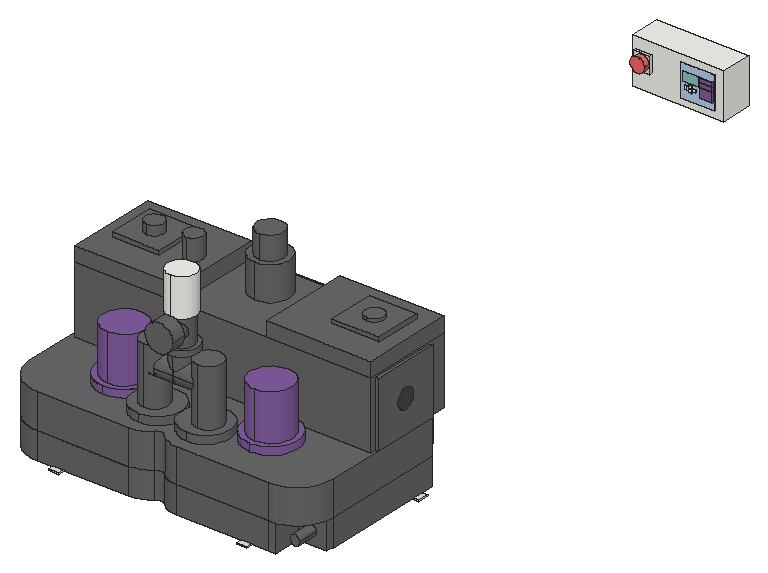
Revit family "11048", category Generic Models, Revit 2021
Family settings
  Can host rebar = No
  Round Connector Dimension = Use Diameter
  Part Type = Normal
  Work Plane-Based = No
  Always vertical = Yes
  Cut with Voids When Loaded = No
  Shared = Yes
  Room Calculation Point = No
Parameters (values of type "11048")
  SUPPLIER = "KESSEL"
  SA700ID49 = "Protection Class I"
  SA700ID48 = "no"
  SA700ID47 = "no"
  SA700ID46 = "yes"
  SA700ID37 = 16000 mm
  SA700ID34 = 47
  SA700ID33 = 3.2 W
  SA700ID32 = 109.59 kg
  SA700ID31 = 1
  SA700ID30 = 2
  SA700ID29 = "GLRD"
  SA700ID21 = 1600
  SA700ID10 = "yes"
  SA700ID08 = 400 V
  PROCUREWEBLINK = "https://p.caden.as/kessel/11048"
  PROCURELINK = "p.caden.as/kessel/11048"
  PROCUREDATALASTUPDATE = "2024-05-22T12:17:48.712101884+01:00"
  PREVIEW = "../../_pool_/64/87/11048.png"
  PRC_SPECIFICATIONLINK = "https://ausschreiben.de/catalog/kessel/catalogItem/40ad8276-e5d5-4cd2-9879-48e8053c6193"
  NN = "Lifting station Aqualift F XL"
  NBSYN = "$SA810ID03."
  NB = "11048"
  Model = "11048"
  Manufacturer = "KESSEL"
  MIdent = "{$CADENAS_DATA/23d-libs/kessel/kessel_vdi_import/4/entwaesserung/hebeanlage20aqualift20f20xl.prj},201 {STYP=ASS},{VTYP=3D},{NB=11048},{LINA=11048},{NN=Lifting station Aqualift F XL},{DATE=21.11.2022 10:48:11},{GEOMDATE=21.11.2022 10:48:11},{VERSION=},{LINEID=260},{WBVAR=LODLEVEL},{WBNUMERIC=LODLEVEL}  {NB=11048},{LINA=11048},{KT=DUMMY},{PREVIEW=../../_pool_/64/87/11048.png},{SA700ID04=Hebeanlage Aqualift F XL 300 l, Duo, SPF 3000-S3, Schieber},{SA810ID06=04026092057155},{SA700ID34=47.00},{SA010ID03=201805},{SA810ID03=11048},{SA810ID10=Aqualift F XL 3000W-S3 Duo 300L m.S.KESSEL Aqualift F XL Hebeanlage für fäkalienhaltiges und fäkalienfreies Abwasser. Zur Aufstellung in frostgeschützten Räumen.Duoanlage mit zwei Pumpen des Typs SPF 3000-S3Sammelbehälter aus Polyethylen, mit verschraubter Reinigungsöffnung, Anschlussstutzen für Zulauf von oben DN100/150.Inklusive Tauchrohr zur pneumatischen Niveauerfassung,Entlüftungsanschluss DN 70 und Anschluss für eine Handmembranpumpe DN 32.Behälter inklusive Haltewinkel zur Auftriebssicherung.Behältervolumen 300 Liter, max. Nutzvolumen bei Zulauf von oben ca. 175 Liter.Zwei seitliche und drei rückseitige Anbohrflächen zur Montage weiterer Zuläufe bis DN 200 unter Verwendung von Durchgangsdichtungen.Inklusive KESSEL Schaltgerät Aqualift Comfort 400 V.Anwenderfreundliche Menüführung im mehrzeiligem Display. MitSelbstdiagnosesystem (SDS) und Erinnerungsfunktion für nächste Wartung.Anzeige der aktuellen Messwerte. Einfache Einstellung derfunktionsrelevanten Parameter, inklusive Betriebsstundenzähler und potentialfreiem Kontakt. Optionale Weiterleitung von Alarm- und Sammelstörmeldung über GSM Schnittstelle.Schaltgerät mit Volltextanzeige in sechs Sprachen.Abwasserpumpe(n) mit Freistromrad zur Förderung von fäkalienfreiem und fäkalienhaltigem Abwasser gemäß DIN EN 12050-1. Freier Kugeldurchgang mindestens 40 mm. Pumpe(n) überflutungssicher.Inklusive Rückflussverhinderer, mit Druckabgang aus Kunststoff DN 100. Inklusive Absperrschieber.Pumpe(n) Typ SPF 3000-S3Fördermenge: max. 47 m³/hFörderhöhe: max. 16 mNennleistung (P2): 2,7 KW je PumpeAufnahmeleistung (P1):  3,3 KW je PumpeBetriebsspannung: 400 V DSNennfrequenz: 50 HzNennstrom: 5,4 AAbsicherung: 3 x 16 A trägeSchutzart (Pumpe): IP68 3mWS/48hSchutzart (Schaltgerät): IP 65Bertiebsart: S3 (50 % Einschaltdauer)Kabellänge: 5 mAußenmaße Anlage mit 300 Liter Behälter (BxTxH): 1260 x 760 x 770 mm},{SA700ID37=16.00},{SA700ID33=3.20},{SA700ID08=400},{SA700ID30=2},{SA700ID32=109.59},{SA700ID49=Schutzklasse I},{SA700ID50=intern},{SA200ID03=6},{SA250ID03=vertikal},{SA260ID03=Trockenläuferpumpe},{SA350ID03=normalansaugend},{SA400ID03=E-Motor für Drehstrom},{SA460ID03=direkt},{SA500ID03=Kunststoff, Edelstahl},{SA700ID06=100},{SA700ID07=100},{SA700ID09=3/N/PE 400V},{SA700ID10=Ja},{SA700ID11=50},{SA700ID12=IP 68},{SA700ID13=F},{SA700ID15=40},{SA700ID21=1600.00},{SA700ID22=2.70},{SA700ID23=2845},{SA700ID24=2845},{SA700ID26=5.40},{SA700ID27=41.00},{SA700ID28=durchgehend},{SA700ID29=GLRD},{SA700ID31=1},{SA700ID46=ja},{SA700ID47=nein},{SA700ID48=nein},{SA110ID04=Hebeanlage Aqualift F XL},{SA300ID03=einstufig},{SA700ID44=10.00},{SA700ID45=10.00},{SA010ID04=KESSEL AG},{LODLEVEL=200},{LINK=https://www.kessel.de/info?han=11048},{SA970ID01=970},{SA970ID02=7176},{SA970ID03=11048},{SA970ID04=11002617},{SA970ID05=QUAD},{SA970ID06=-655.51},{SA970ID07=-635.99},{SA970ID08=0},{SA970ID09=1},{SA970ID10=0},{SA970ID11=0},{SA970ID12=0},{SA970ID13=1},{SA970ID14=0},{SA970ID15=1311.02},{SA970ID16=785.99},{SA970ID17=818.99},{LODLEVEL_=200,'Low'},{LODLEVEL_DEU=200,'Low'},{LINK_=https://www.kessel.de/info?han=11048},{LINK_DEU=https://www.kessel.de/info?han=11048},{LODLEVEL_3DB=11048_200},{DNIN1=100},{DNIN2=70},{DNIN4=10},{DNIN5=10},{DNIN6=50},{DNIN7=50},{DNIN8=50},{DNIN9=50},{DNOUT1=32},{DNOUT2=100},{DNOUT3=70},{ISD1=96},{ISD2=10},{ISDOUT1=40},{ISDOUT2=MIN},{ISDOUT3=MIN},{SA010ID01=010},{SA010ID02=4},{SA010ID06=www.kessel.de},{SA010ID07=www.kessel.de},{SA010ID12=20180713},{SA010ID13=DEU},{SA010ID14=DE},{SA100ID01=100},{SA100ID02=4},{SA100ID04=Entwässerung},{SA110ID01=110},{SA110ID02=6},{SA200ID01=200},{SA200ID02=6},{SA250ID01=250},{SA250ID02=2},{SA260ID01=260},{SA260ID02=2},{SA300ID01=300},{SA300ID02=1},{SA350ID01=350},{SA350ID02=1},{SA400ID01=400},{SA400ID02=2},{SA460ID01=460},{SA460ID02=1},{SA500ID01=500},{SA500ID02=1},{SA700ID01=700},{SA700ID02=55},{SA700ID10_=1},{SA700ID16=0},{SA700ID25=0},{SA700ID46_=1},{SA700ID47_=0},{SA700ID48_=0},{SA700ID49_=1},{SA700ID50_=2},{SA800ID01=800},{SA800ID02=19},{SA810ID01=810},{SA810ID02=55},{SA810ID04=11048},{SA810ID07=55},{SA810ID09=1},{SA810ID14=PCE},{SA810ID15=1},{SA810ID16=NMP},{SA960ID03=55},{SA960ID04=3L},{SA960ID08=https://www.kessel.de/info?han=11048},{SA010ID08=4026092000007},{SA100ID05=Hebeanlage},{SA110ID06=Hebeanlage}"
  LINK = "https://www.kessel.de/info?han=11048"
  LINA = "11048"
  Default Elevation = 0 mm
  CREATOR = "CADENAS GmbH"
  CATALOG = "KESSEL"
  BOMINFO = "LINA"
  ARTICLENO = "NB"
  4.810.00.9 Order quantity (multiplicator) = "1"
  4.810.00.7 Media- connection number = "55"
  4.810.00.6 GTIN number = "04026092057155"
  4.810.00.4 DATANORM number = "11048"
  4.810.00.3 Producer order number = "11048"
  4.710.03.7 Mass (net) = 109.59 kg
  4.710.03.6 Height = 806 mm
  4.710.03.5 Width = 760 mm
  4.710.03.4 Length = 1260 mm
  4.710.03.3 Type of dimensions = "2"
  4.710.02.8 Area of application of wastewater pump = "1"
  4.710.02.7 Art des S2/S3-Betriebs = "50 %"
  4.710.02.6 Duty type = "S3"
  4.710.02.5 Cutting device = "0"
  4.710.02.4 Attached pump control = "1"
  4.710.02.3 Free passage = 40 mm
  4.710.01.6 Option to connect to building automation = "40"
  4.710.01.5 Load regulation = "0"
  4.710.01.4 Designation of closed-loop control = "175"
  4.710.01.3 Identifier for closed-loop control = "300"
  4.700.00.9 Voltage = 0
  4.700.00.8 Nominal connection size on suction side = "100"
  4.700.00.7 Nominal connection size on pressure side = "100"
  4.700.00.6 Type of connection = "100"
  4.700.00.4 Product indentification = "Hebeanlage Aqualift F XL 300 l, Duo, SPF 3000-S3, Schieber"
  4.700.00.28 Motor pump shaft = "durchgehend"
  4.700.00.27 Starting current = 41
  4.700.00.26 Maximum power consumption per pump / drive = 5.4
  4.700.00.25 Minimum speed at internal speed adjustment = 0
  4.700.00.24 Nominal speed / maximum speed n = 47.4167
  4.700.00.23 Nominal speed of motor = 47.4167
  4.700.00.22 Maximum shaft output (P2) per pump/drive = 2.7 W
  4.700.00.16 Maximum temperature of pumped medium = 0 °C
  4.700.00.15 Increased safety class = "40 °C"
  4.700.00.13 Type of protection = "F"
  4.700.00.12 Frequency = 0
  4.700.00.11 Stern-/Dreieck-Anlaufschaltung bei Dreiphasenanschluss oder Drehstrom = "50 Hz"
  4.700.00.10 Phase = "1"
  4.500.00.3 Variant / Variant type / Accessories-name = "Kunststoff, Edelstahl"
  4.460.00.3 Variant / Variant type / Accessories-name = "direkt"
  4.400.00.3 Variant / Variant type / Accessories-name = "E-Motor für Drehstrom"
  4.350.00.3 Variant / Variant type / Accessories-name = "normalansaugend"
  4.300.00.3 Variant / Variant type / Accessories-name = "einstufig"
  4.260.00.3 Variant / Variant type / Accessories-name = "Trockenläuferpumpe"
  4.250.00.3 Variant / Variant type / Accessories-name = "vertikal"
  4.200.00.3 Variant / Variant type / Accessories-name = "6"
  4.110.00.6 Product classification = "Hebeanlage"
  4.110.00.4 Product indentification = "Hebeanlage Aqualift F XL"
  4.100.00.5 Main groups of wares = "Hebeanlage"
  4.100.00.4 Product indentification = "Entwässerung"
  4.010.00.8 Producer ID number = "4026092000007"
  4.010.00.7 Comment = "www.kessel.de"
  4.010.00.6 Web address of the manufacturer = "www.kessel.de"
  4.010.00.4 Manufacturer name = "KESSEL AG"
  4.010.00.3 Date of issuance (month) of guideline = "201805"
  4.010.00.2 Sheet number of the guideline = "4"
  4.010.00.14 Kennungen der Projektländer, für die die Datei gültig ist = "DE"
  4.010.00.13 Sprache der Datei = "DEU"
  4.010.00.12 Stand des Herstellerkatalogs = "20180713"
Reference planes
  plane 1 "Center (Front/Back)": y = 0
  plane 2: z = 0
  plane 3 "Center (Left/Right)": x = 0
Dimensions and locks
  aligned and locked: level to plane 2
Nested families
  nested 1: "11048_content" at (0, 0, 0), type "11048_Content"
  nested 2: "11048_part1_X0Y0" at (1000, 1000, 1200), type "11048_PART1_X0Y0"
  nested 3: "11048_part2_X0Y0" at (0, 0, 0), type "11048_PART2_X0Y0"
Connectors
  electrical at (861, 933, 1201.5)
    settings: on nested 2, index 1, voltage 0 V, apparent load 0 VA, apparent load phase1 0 VA, apparent load phase2 0 VA, apparent load phase3 0 VA, power factor 1, load classification "Other", number of poles 1, system type 31, power factor state 1, is connector primary yes, connector utility no, sub classification motor no, connector description ""
  piping at (0, 0, 771), diameter 100
    settings: on nested 3, index 2, connector inside diameter 609.6 mm, connector length 0 mm, flow factor 0, pipe flow 0.0 L/s, pressure drop 0.0 Pa, fitting loss kfactor 0, connector angle 0.00°, fixture units 0, engagement length 0 mm, angle of deflection 0.00°, flow configuration 0, flow direction 1, fitting loss method 2, system type 8, joint type 0, gender type 0, connector reference index -1, connector utility 0, adjustable connector no, is connector primary yes, connector description ""
  piping at (631, -85, 392), diameter 70
    settings: on nested 3, index 3, connector inside diameter 609.6 mm, connector length 0 mm, flow factor 0, pipe flow 0.0 L/s, pressure drop 0.0 Pa, fitting loss kfactor 0, connector angle 0.00°, fixture units 0, engagement length 0 mm, angle of deflection 0.00°, flow configuration 0, flow direction 0, fitting loss method 2, system type 8, joint type 0, gender type 0, connector reference index -1, connector utility 0, adjustable connector no, is connector primary no, connector description ""
  piping at (358.7, 150.5, 392), diameter 70
    settings: on nested 3, index 4, connector inside diameter 609.6 mm, connector length 0 mm, flow factor 0, pipe flow 0.0 L/s, pressure drop 0.0 Pa, fitting loss kfactor 0, connector angle 0.00°, fixture units 0, engagement length 0 mm, angle of deflection 0.00°, flow configuration 0, flow direction 0, fitting loss method 2, system type 8, joint type 0, gender type 0, connector reference index -1, connector utility 0, adjustable connector no, is connector primary no, connector description ""
  piping at (0, 150.5, 392), diameter 70
    settings: on nested 3, index 5, connector inside diameter 609.6 mm, connector length 0 mm, flow factor 0, pipe flow 0.0 L/s, pressure drop 0.0 Pa, fitting loss kfactor 0, connector angle 0.00°, fixture units 0, engagement length 0 mm, angle of deflection 0.00°, flow configuration 0, flow direction 0, fitting loss method 2, system type 8, joint type 0, gender type 0, connector reference index -1, connector utility 0, adjustable connector no, is connector primary no, connector description ""
  piping at (-357.7, 150.5, 392), diameter 70
    settings: on nested 3, index 6, connector inside diameter 609.6 mm, connector length 0 mm, flow factor 0, pipe flow 0.0 L/s, pressure drop 0.0 Pa, fitting loss kfactor 0, connector angle 0.00°, fixture units 0, engagement length 0 mm, angle of deflection 0.00°, flow configuration 0, flow direction 0, fitting loss method 2, system type 8, joint type 0, gender type 0, connector reference index -1, connector utility 0, adjustable connector no, is connector primary no, connector description ""
  piping at (-630, -85, 392), diameter 70
    settings: on nested 3, index 7, connector inside diameter 609.6 mm, connector length 0 mm, flow factor 0, pipe flow 0.0 L/s, pressure drop 0.0 Pa, fitting loss kfactor 0, connector angle 0.00°, fixture units 0, engagement length 0 mm, angle of deflection 0.00°, flow configuration 0, flow direction 0, fitting loss method 2, system type 8, joint type 0, gender type 0, connector reference index -1, connector utility 0, adjustable connector no, is connector primary no, connector description ""
  piping at (0, -578, 611), diameter 100
    settings: on nested 3, index 8, connector inside diameter 609.6 mm, connector length 0 mm, flow factor 0, pipe flow 0.0 L/s, pressure drop 0.0 Pa, fitting loss kfactor 0, connector angle 0.00°, fixture units 0, engagement length 0 mm, angle of deflection 0.00°, flow configuration 0, flow direction 2, fitting loss method 2, system type 7, joint type 0, gender type 0, connector reference index -1, connector utility 0, adjustable connector no, is connector primary no, connector description ""
  piping at (-269.5, -60, 681), diameter 70
    settings: on nested 3, index 9, connector inside diameter 609.6 mm, connector length 0 mm, flow factor 0, pipe flow 0.0 L/s, pressure drop 0.0 Pa, fitting loss kfactor 0, connector angle 0.00°, fixture units 0, engagement length 0 mm, angle of deflection 0.00°, flow configuration 0, flow direction 2, fitting loss method 2, system type 7, joint type 0, gender type 0, connector reference index -1, connector utility 0, adjustable connector no, is connector primary no, connector description ""
  piping at (565, -575.5, 56), diameter 32
    settings: on nested 3, index 10, connector inside diameter 609.6 mm, connector length 0 mm, flow factor 0, pipe flow 0.0 L/s, pressure drop 0.0 Pa, fitting loss kfactor 0, connector angle 0.00°, fixture units 0, engagement length 0 mm, angle of deflection 0.00°, flow configuration 0, flow direction 2, fitting loss method 2, system type 7, joint type 0, gender type 0, connector reference index -1, connector utility 0, adjustable connector no, is connector primary no, connector description ""
  electrical at (305.4, -376.25, 477)
    settings: on nested 3, index 11, voltage 0 V, apparent load 0 VA, apparent load phase1 0 VA, apparent load phase2 0 VA, apparent load phase3 0 VA, power factor 1, load classification "Other", number of poles 1, system type 31, power factor state 1, is connector primary no, connector utility no, sub classification motor no, connector description ""
  electrical at (-305.4, -376.25, 477)
    settings: on nested 3, index 12, voltage 0 V, apparent load 0 VA, apparent load phase1 0 VA, apparent load phase2 0 VA, apparent load phase3 0 VA, power factor 1, load classification "Other", number of poles 1, system type 31, power factor state 1, is connector primary no, connector utility no, sub classification motor no, connector description ""
  electrical at (-457, -29.5, 650)
    settings: on nested 3, index 13, voltage 0 V, apparent load 0 VA, apparent load phase1 0 VA, apparent load phase2 0 VA, apparent load phase3 0 VA, power factor 1, load classification "Other", number of poles 1, system type 31, power factor state 1, is connector primary no, connector utility no, sub classification motor no, connector description ""
Definition of nested family "11048_part1_X0Y0"
  Parameters (values of type "11048_PART1_X0Y0")
    SUPPLIER = "KESSEL"
    SA700ID49 = "Protection Class I"
    SA700ID48 = "no"
    SA700ID47 = "no"
    SA700ID46 = "yes"
    SA700ID37 = 16000 mm
    SA700ID34 = 47
    SA700ID33 = 3.2 W
    SA700ID32 = 109.59 kg
    SA700ID31 = 1
    SA700ID30 = 2
    SA700ID29 = "GLRD"
    SA700ID21 = 1600
    SA700ID10 = "yes"
    SA700ID08 = 400 V
    PREVIEW = "../../_pool_/64/87/11048.png"
    NBSYN = "$SA810ID03._PART1"
    NB = "11048_PART1"
    Model = "11048_PART1"
    Manufacturer = "KESSEL"
    MIdent = "{$CADENAS_DATA/23d-libs/kessel/kessel_vdi_import/4/entwaesserung/hebeanlage20aqualift20f20xl.prj},221 {VTYP=3D},{NB=11048_PART1},{LINA=11048_PART1},{NN=Lifting station Aqualift F XL_PART1},{NOPRJ=TRUE},{DATE=21.11.2022 10:48:11},{GEOMDATE=21.11.2022 10:48:11},{VERSION=},{LINEID=260},{WBVAR=LODLEVEL},{WBNUMERIC=LODLEVEL}  {NB=11048_PART1},{LINA=11048_PART1},{KT=DUMMY},{PREVIEW=../../_pool_/64/87/11048.png},{SA700ID04=Hebeanlage Aqualift F XL 300 l, Duo, SPF 3000-S3, Schieber},{SA810ID06=04026092057155},{SA700ID34=47.00},{SA010ID03=201805},{SA810ID03=11048},{SA810ID10=Aqualift F XL 3000W-S3 Duo 300L m.S.KESSEL Aqualift F XL Hebeanlage für fäkalienhaltiges und fäkalienfreies Abwasser. Zur Aufstellung in frostgeschützten Räumen.Duoanlage mit zwei Pumpen des Typs SPF 3000-S3Sammelbehälter aus Polyethylen, mit verschraubter Reinigungsöffnung, Anschlussstutzen für Zulauf von oben DN100/150.Inklusive Tauchrohr zur pneumatischen Niveauerfassung,Entlüftungsanschluss DN 70 und Anschluss für eine Handmembranpumpe DN 32.Behälter inklusive Haltewinkel zur Auftriebssicherung.Behältervolumen 300 Liter, max. Nutzvolumen bei Zulauf von oben ca. 175 Liter.Zwei seitliche und drei rückseitige Anbohrflächen zur Montage weiterer Zuläufe bis DN 200 unter Verwendung von Durchgangsdichtungen.Inklusive KESSEL Schaltgerät Aqualift Comfort 400 V.Anwenderfreundliche Menüführung im mehrzeiligem Display. MitSelbstdiagnosesystem (SDS) und Erinnerungsfunktion für nächste Wartung.Anzeige der aktuellen Messwerte. Einfache Einstellung derfunktionsrelevanten Parameter, inklusive Betriebsstundenzähler und potentialfreiem Kontakt. Optionale Weiterleitung von Alarm- und Sammelstörmeldung über GSM Schnittstelle.Schaltgerät mit Volltextanzeige in sechs Sprachen.Abwasserpumpe(n) mit Freistromrad zur Förderung von fäkalienfreiem und fäkalienhaltigem Abwasser gemäß DIN EN 12050-1. Freier Kugeldurchgang mindestens 40 mm. Pumpe(n) überflutungssicher.Inklusive Rückflussverhinderer, mit Druckabgang aus Kunststoff DN 100. Inklusive Absperrschieber.Pumpe(n) Typ SPF 3000-S3Fördermenge: max. 47 m³/hFörderhöhe: max. 16 mNennleistung (P2): 2,7 KW je PumpeAufnahmeleistung (P1):  3,3 KW je PumpeBetriebsspannung: 400 V DSNennfrequenz: 50 HzNennstrom: 5,4 AAbsicherung: 3 x 16 A trägeSchutzart (Pumpe): IP68 3mWS/48hSchutzart (Schaltgerät): IP 65Bertiebsart: S3 (50 % Einschaltdauer)Kabellänge: 5 mAußenmaße Anlage mit 300 Liter Behälter (BxTxH): 1260 x 760 x 770 mm},{SA700ID37=16.00},{SA700ID33=3.20},{SA700ID08=400},{SA700ID30=2},{SA700ID32=109.59},{SA700ID49=Schutzklasse I},{SA700ID50=intern},{SA200ID03=6},{SA250ID03=vertikal},{SA260ID03=Trockenläuferpumpe},{SA350ID03=normalansaugend},{SA400ID03=E-Motor für Drehstrom},{SA460ID03=direkt},{SA500ID03=Kunststoff, Edelstahl},{SA700ID06=100},{SA700ID07=100},{SA700ID09=3/N/PE 400V},{SA700ID10=Ja},{SA700ID11=50},{SA700ID12=IP 68},{SA700ID13=F},{SA700ID15=40},{SA700ID21=1600.00},{SA700ID22=2.70},{SA700ID23=2845},{SA700ID24=2845},{SA700ID26=5.40},{SA700ID27=41.00},{SA700ID28=durchgehend},{SA700ID29=GLRD},{SA700ID31=1},{SA700ID46=ja},{SA700ID47=nein},{SA700ID48=nein},{SA110ID04=Hebeanlage Aqualift F XL},{SA300ID03=einstufig},{SA700ID44=10.00},{SA700ID45=10.00},{SA010ID04=KESSEL AG},{LODLEVEL=200},{LINK=https://www.kessel.de/info?han=11048},{SA970ID01=970},{SA970ID02=7176},{SA970ID03=11048},{SA970ID04=11002617},{SA970ID05=QUAD},{SA970ID06=-655.51},{SA970ID07=-635.99},{SA970ID08=0},{SA970ID09=1},{SA970ID10=0},{SA970ID11=0},{SA970ID12=0},{SA970ID13=1},{SA970ID14=0},{SA970ID15=1311.02},{SA970ID16=785.99},{SA970ID17=818.99},{LODLEVEL_=200,'Low'},{LODLEVEL_DEU=200,'Low'},{LINK_=https://www.kessel.de/info?han=11048},{LINK_DEU=https://www.kessel.de/info?han=11048},{LODLEVEL_3DB=11048_200},{DNIN1=100},{DNIN2=70},{DNIN4=10},{DNIN5=10},{DNIN6=50},{DNIN7=50},{DNIN8=50},{DNIN9=50},{DNOUT1=32},{DNOUT2=100},{DNOUT3=70},{ISD1=96},{ISD2=10},{ISDOUT1=40},{ISDOUT2=MIN},{ISDOUT3=MIN},{SA010ID01=010},{SA010ID02=4},{SA010ID06=www.kessel.de},{SA010ID07=www.kessel.de},{SA010ID12=20180713},{SA010ID13=DEU},{SA010ID14=DE},{SA100ID01=100},{SA100ID02=4},{SA100ID04=Entwässerung},{SA110ID01=110},{SA110ID02=6},{SA200ID01=200},{SA200ID02=6},{SA250ID01=250},{SA250ID02=2},{SA260ID01=260},{SA260ID02=2},{SA300ID01=300},{SA300ID02=1},{SA350ID01=350},{SA350ID02=1},{SA400ID01=400},{SA400ID02=2},{SA460ID01=460},{SA460ID02=1},{SA500ID01=500},{SA500ID02=1},{SA700ID01=700},{SA700ID02=55},{SA700ID10_=1},{SA700ID16=0},{SA700ID25=0},{SA700ID46_=1},{SA700ID47_=0},{SA700ID48_=0},{SA700ID49_=1},{SA700ID50_=2},{SA800ID01=800},{SA800ID02=19},{SA810ID01=810},{SA810ID02=55},{SA810ID04=11048},{SA810ID07=55},{SA810ID09=1},{SA810ID14=PCE},{SA810ID15=1},{SA810ID16=NMP},{SA960ID03=55},{SA960ID04=3L},{SA960ID08=https://www.kessel.de/info?han=11048},{SA010ID08=4026092000007},{SA100ID05=Hebeanlage},{SA110ID06=Hebeanlage}"
    LINK = "https://www.kessel.de/info?han=11048"
    LINA = "11048_PART1"
    Default Elevation = 1219.2 mm
    CREATOR = "CADENAS GmbH"
    CATALOG = "KESSEL"
    BOMINFO = "LINA"
    ARTICLENO = "NB"
    4.810.00.9 Order quantity (multiplicator) = "1"
    4.810.00.7 Media- connection number = "55"
    4.810.00.6 GTIN number = "04026092057155"
    4.810.00.4 DATANORM number = "11048"
    4.810.00.3 Producer order number = "11048"
    4.710.03.7 Mass (net) = 109.59 kg
    4.710.03.6 Height = 806 mm
    4.710.03.5 Width = 760 mm
    4.710.03.4 Length = 1260 mm
    4.710.03.3 Type of dimensions = "2"
    4.710.02.8 Area of application of wastewater pump = "1"
    4.710.02.7 Art des S2/S3-Betriebs = "50 %"
    4.710.02.6 Duty type = "S3"
    4.710.02.5 Cutting device = "0"
    4.710.02.4 Attached pump control = "1"
    4.710.02.3 Free passage = 40 mm
    4.710.01.6 Option to connect to building automation = "40"
    4.710.01.5 Load regulation = "0"
    4.710.01.4 Designation of closed-loop control = "175"
    4.710.01.3 Identifier for closed-loop control = "300"
    4.700.00.9 Voltage = 0
    4.700.00.8 Nominal connection size on suction side = "100"
    4.700.00.7 Nominal connection size on pressure side = "100"
    4.700.00.6 Type of connection = "100"
    4.700.00.4 Product indentification = "Hebeanlage Aqualift F XL 300 l, Duo, SPF 3000-S3, Schieber"
    4.700.00.28 Motor pump shaft = "durchgehend"
    4.700.00.27 Starting current = 41
    4.700.00.26 Maximum power consumption per pump / drive = 5.4
    4.700.00.25 Minimum speed at internal speed adjustment = 0
    4.700.00.24 Nominal speed / maximum speed n = 47.4167
    4.700.00.23 Nominal speed of motor = 47.4167
    4.700.00.22 Maximum shaft output (P2) per pump/drive = 2.7 W
    4.700.00.16 Maximum temperature of pumped medium = 0 °C
    4.700.00.15 Increased safety class = "40 °C"
    4.700.00.13 Type of protection = "F"
    4.700.00.12 Frequency = 0
    4.700.00.11 Stern-/Dreieck-Anlaufschaltung bei Dreiphasenanschluss oder Drehstrom = "50 Hz"
    4.700.00.10 Phase = "1"
    4.500.00.3 Variant / Variant type / Accessories-name = "Kunststoff, Edelstahl"
    4.460.00.3 Variant / Variant type / Accessories-name = "direkt"
    4.400.00.3 Variant / Variant type / Accessories-name = "E-Motor für Drehstrom"
    4.350.00.3 Variant / Variant type / Accessories-name = "normalansaugend"
    4.300.00.3 Variant / Variant type / Accessories-name = "einstufig"
    4.260.00.3 Variant / Variant type / Accessories-name = "Trockenläuferpumpe"
    4.250.00.3 Variant / Variant type / Accessories-name = "vertikal"
    4.200.00.3 Variant / Variant type / Accessories-name = "6"
    4.110.00.6 Product classification = "Hebeanlage"
    4.110.00.4 Product indentification = "Hebeanlage Aqualift F XL"
    4.100.00.5 Main groups of wares = "Hebeanlage"
    4.100.00.4 Product indentification = "Entwässerung"
    4.010.00.8 Producer ID number = "4026092000007"
    4.010.00.7 Comment = "www.kessel.de"
    4.010.00.6 Web address of the manufacturer = "www.kessel.de"
    4.010.00.4 Manufacturer name = "KESSEL AG"
    4.010.00.3 Date of issuance (month) of guideline = "201805"
    4.010.00.2 Sheet number of the guideline = "4"
    4.010.00.14 Kennungen der Projektländer, für die die Datei gültig ist = "DE"
    4.010.00.13 Sprache der Datei = "DEU"
    4.010.00.12 Stand des Herstellerkatalogs = "20180713"
  Reference planes
    plane 1 "Center (Front/Back)": y = 0
    plane 2: z = 0
    plane 3 "Center (Left/Right)": x = 0
  Dimensions and locks
    aligned and locked: level to plane 2
  Nested families
    nested 1: "11048_part1_content" at (0, 0, 0), type "11048_PART1_Content"
  Definition of nested family "11048_part1_content"
    Parameters (values of type "11048_PART1_Content")
      SUPPLIER = "KESSEL"
      SA700ID49 = "Protection Class I"
      SA700ID48 = "no"
      SA700ID47 = "no"
      SA700ID46 = "yes"
      SA700ID37 = 16000 mm
      SA700ID34 = 47
      SA700ID33 = 3.2 W
      SA700ID32 = 109.59 kg
      SA700ID31 = 1
      SA700ID30 = 2
      SA700ID29 = "GLRD"
      SA700ID21 = 1600
      SA700ID10 = "yes"
      SA700ID08 = 400 V
      PREVIEW = "../../_pool_/64/87/11048.png"
      NBSYN = "$SA810ID03._PART1"
      NB = "11048_PART1"
      Model = "11048_PART1"
      Manufacturer = "KESSEL"
      LINK = "https://www.kessel.de/info?han=11048"
      LINA = "11048_PART1"
      Default Elevation = 1219.2 mm
      CREATOR = "CADENAS GmbH"
      CATALOG = "KESSEL"
      BOMINFO = "LINA"
      ARTICLENO = "NB"
      4.810.00.9 Order quantity (multiplicator) = "1"
      4.810.00.7 Media- connection number = "55"
      4.810.00.6 GTIN number = "04026092057155"
      4.810.00.4 DATANORM number = "11048"
      4.810.00.3 Producer order number = "11048"
      4.710.03.7 Mass (net) = 109.59 kg
      4.710.03.6 Height = 806 mm
      4.710.03.5 Width = 760 mm
      4.710.03.4 Length = 1260 mm
      4.710.03.3 Type of dimensions = "2"
      4.710.02.8 Area of application of wastewater pump = "1"
      4.710.02.7 Art des S2/S3-Betriebs = "50 %"
      4.710.02.6 Duty type = "S3"
      4.710.02.5 Cutting device = "0"
      4.710.02.4 Attached pump control = "1"
      4.710.02.3 Free passage = 40 mm
      4.710.01.6 Option to connect to building automation = "40"
      4.710.01.5 Load regulation = "0"
      4.710.01.4 Designation of closed-loop control = "175"
      4.710.01.3 Identifier for closed-loop control = "300"
      4.700.00.9 Voltage = 0
      4.700.00.8 Nominal connection size on suction side = "100"
      4.700.00.7 Nominal connection size on pressure side = "100"
      4.700.00.6 Type of connection = "100"
      4.700.00.4 Product indentification = "Hebeanlage Aqualift F XL 300 l, Duo, SPF 3000-S3, Schieber"
      4.700.00.28 Motor pump shaft = "durchgehend"
      4.700.00.27 Starting current = 41
      4.700.00.26 Maximum power consumption per pump / drive = 5.4
      4.700.00.25 Minimum speed at internal speed adjustment = 0
      4.700.00.24 Nominal speed / maximum speed n = 47.4167
      4.700.00.23 Nominal speed of motor = 47.4167
      4.700.00.22 Maximum shaft output (P2) per pump/drive = 2.7 W
      4.700.00.16 Maximum temperature of pumped medium = 0 °C
      4.700.00.15 Increased safety class = "40 °C"
      4.700.00.13 Type of protection = "F"
      4.700.00.12 Frequency = 0
      4.700.00.11 Stern-/Dreieck-Anlaufschaltung bei Dreiphasenanschluss oder Drehstrom = "50 Hz"
      4.700.00.10 Phase = "1"
      4.500.00.3 Variant / Variant type / Accessories-name = "Kunststoff, Edelstahl"
      4.460.00.3 Variant / Variant type / Accessories-name = "direkt"
      4.400.00.3 Variant / Variant type / Accessories-name = "E-Motor für Drehstrom"
      4.350.00.3 Variant / Variant type / Accessories-name = "normalansaugend"
      4.300.00.3 Variant / Variant type / Accessories-name = "einstufig"
      4.260.00.3 Variant / Variant type / Accessories-name = "Trockenläuferpumpe"
      4.250.00.3 Variant / Variant type / Accessories-name = "vertikal"
      4.200.00.3 Variant / Variant type / Accessories-name = "6"
      4.110.00.6 Product classification = "Hebeanlage"
      4.110.00.4 Product indentification = "Hebeanlage Aqualift F XL"
      4.100.00.5 Main groups of wares = "Hebeanlage"
      4.100.00.4 Product indentification = "Entwässerung"
      4.010.00.8 Producer ID number = "4026092000007"
      4.010.00.7 Comment = "www.kessel.de"
      4.010.00.6 Web address of the manufacturer = "www.kessel.de"
      4.010.00.4 Manufacturer name = "KESSEL AG"
      4.010.00.3 Date of issuance (month) of guideline = "201805"
      4.010.00.2 Sheet number of the guideline = "4"
      4.010.00.14 Kennungen der Projektländer, für die die Datei gültig ist = "DE"
      4.010.00.13 Sprache der Datei = "DEU"
      4.010.00.12 Stand des Herstellerkatalogs = "20180713"
    Reference planes
      plane 1 "Center (Front/Back)": y = 0
      plane 2: z = 0
      plane 3 "Center (Left/Right)": x = 0
    Forms (mm)
      Extrusion 1, solid, detail levels medium+fine
        sketch origin (189.25, -1.75, 0.2) x (0, -1, 0) y (0, 0, 1)
          loop
            line (0, 187.8) -> (0, 0) -> (127.75, 0) -> (127.75, 187.8) -> (0, 187.8)
        from 0 to 378.5
      Extrusion 2, solid, detail levels medium+fine
        sketch origin (-4, -67, 0) x (0, 1, 0) y (-1, 0, 0)
          loop
            circle (0, 0) r 12.5
        from 0 to 1.5
      Extrusion 3, solid, detail levels medium+fine
        sketch origin (150.8, -129.5, 26.5) x (0, -1, 0) y (0, 0, 1)
          loop
            line (-1.2, 134.8) -> (-1.2, 0) -> (0.25, 0) -> (0.25, 134.8) -> (-1.2, 134.8)
        from 0 to 139.9
      Extrusion 4, solid, detail levels medium+fine
        sketch origin (72.55, -129.75, 66) x (0, -1, 0) y (0, 0, 1)
          loop
            line (-1, 12) -> (-1, 0) -> (0.5, 0) -> (0.5, 12) -> (-1, 12)
        from 0 to 12
      Extrusion 5, solid, detail levels medium+fine
        sketch origin (84.45, -129.75, 93.4) x (0, -1, 0) y (0, 0, 1)
          loop
            line (-1, 37) -> (-1, 0) -> (0.5, 0) -> (0.5, 37) -> (-1, 37)
        from 0 to 66
      Extrusion 6, solid, detail levels medium+fine
        sketch origin (55.3, -129.75, 74) x (0, -1, 0) y (0, 0, 1)
          loop
            line (-1, 12) -> (-1, 0) -> (0.5, 0) -> (0.5, 12) -> (-1, 12)
        from 0 to 12
      Extrusion 7, solid, detail levels medium+fine
        sketch origin (143.3, -129.75, 94.4) x (0, -1, 0) y (0, 0, 1)
          loop
            line (0, 16) -> (0, 0) -> (1.75, 0) -> (1.75, 16) -> (0, 16)
        from 0 to 51
      Extrusion 8, solid, detail levels medium+fine
        sketch origin (143.3, -129.75, 54.4) x (0, -1, 0) y (0, 0, 1)
          loop
            line (0, 36) -> (0, 0) -> (1.75, 0) -> (1.75, 36) -> (0, 36)
        from 0 to 51
      Extrusion 9, solid, detail levels medium+fine
        sketch origin (55.3, -129.75, 57.5) x (0, -1, 0) y (0, 0, 1)
          loop
            line (-1, 12) -> (-1, 0) -> (0.5, 0) -> (0.5, 12) -> (-1, 12)
        from 0 to 12
      Extrusion 10, solid, detail levels medium+fine
        sketch origin (143.3, -129.75, 114.4) x (0, -1, 0) y (0, 0, 1)
          loop
            line (0, 16) -> (0, 0) -> (1.75, 0) -> (1.75, 16) -> (0, 16)
        from 0 to 51
      Extrusion 11, solid, detail levels medium+fine
        sketch origin (38.05, -129.75, 66) x (0, -1, 0) y (0, 0, 1)
          loop
            line (-1, 12) -> (-1, 0) -> (0.5, 0) -> (0.5, 12) -> (-1, 12)
        from 0 to 12
      Extrusion 12, solid, detail levels medium+fine
        sketch origin (47, -72, 0) x (0, 1, 0) y (-1, 0, 0)
          loop
            circle (0, 0) r 8
        from 0 to 1.5
      Extrusion 13, solid, detail levels medium+fine
        sketch origin (47, -42, 0) x (0, 1, 0) y (-1, 0, 0)
          loop
            circle (0, 0) r 5.25
        from 0 to 1.5
      Extrusion 14, solid, detail levels medium+fine
        sketch origin (77, -72, 0) x (0, 1, 0) y (-1, 0, 0)
          loop
            circle (0, 0) r 8
        from 0 to 1.5
      Extrusion 15, solid, detail levels medium+fine
        sketch origin (-94, -67, 0) x (0, 1, 0) y (-1, 0, 0)
          loop
            circle (0, 0) r 12.5
        from 0 to 1.5
      Extrusion 16, solid, detail levels medium+fine
        sketch origin (92, -42, 0) x (0, 1, 0) y (-1, 0, 0)
          loop
            circle (0, 0) r 8
        from 0 to 1.5
      Extrusion 17, solid, detail levels medium+fine
        sketch origin (107, -72, 0) x (0, 1, 0) y (-1, 0, 0)
          loop
            circle (0, 0) r 8
        from 0 to 1.5
      Extrusion 18, solid, detail levels medium+fine
        sketch origin (122, -42, 0) x (0, 1, 0) y (-1, 0, 0)
          loop
            circle (0, 0) r 8
        from 0 to 1.5
      Extrusion 19, solid, detail levels medium+fine
        sketch origin (-107.7, -129.5, 76.9) x (0, -1, 0) y (0, 0, 1)
          loop
            line (0, 67) -> (0, 0) -> (14, 0) -> (14, 67) -> (0, 67)
        from 0 to 67
      Extrusion 20, solid, detail levels medium+fine
        sketch origin (-141.2, -143.5, 110.4) x (1, 0, 0) y (0, 0, 1)
          loop
            circle (0, 0) r 30
        from 0 to 22
      Extrusion 21, solid, detail levels medium+fine
        sketch origin (127, -15, 0) x (0, 1, 0) y (-1, 0, 0)
          loop
            circle (0, 0) r 6
        from 0 to 1.5
      Extrusion 22, solid, detail levels medium+fine
        sketch origin (137, -72, 0) x (0, 1, 0) y (-1, 0, 0)
          loop
            circle (0, 0) r 8
        from 0 to 1.5
      Extrusion 23, solid, detail levels medium+fine
        sketch origin (-139, -67, 0) x (0, 1, 0) y (-1, 0, 0)
          loop
            circle (0, 0) r 12.5
        from 0 to 1.5
      Extrusion 24, solid, detail levels medium+fine
        sketch origin (152, -42, 0) x (0, 1, 0) y (-1, 0, 0)
          loop
            circle (0, 0) r 8
        from 0 to 1.5
      Extrusion 25, solid, detail levels coarse
        sketch origin (0, -83.625, 0) x (1, 0, 0) y (0, 1, 0)
          loop
            line (-189.25, -81.875) -> (189.25, -81.875) -> (189.25, 81.875) -> (-189.25, 81.875) -> (-189.25, -81.875)
        from 0 to 188
    Dimensions and locks
      aligned and locked: level to plane 2
Definition of nested family "11048_part2_X0Y0"
  Parameters (values of type "11048_PART2_X0Y0")
    SUPPLIER = "KESSEL"
    SA700ID49 = "Protection Class I"
    SA700ID48 = "no"
    SA700ID47 = "no"
    SA700ID46 = "yes"
    SA700ID37 = 16000 mm
    SA700ID34 = 47
    SA700ID33 = 3.2 W
    SA700ID32 = 109.59 kg
    SA700ID31 = 1
    SA700ID30 = 2
    SA700ID29 = "GLRD"
    SA700ID21 = 1600
    SA700ID10 = "yes"
    SA700ID08 = 400 V
    PREVIEW = "../../_pool_/64/87/11048.png"
    NBSYN = "$SA810ID03._PART2"
    NB = "11048_PART2"
    Model = "11048_PART2"
    Manufacturer = "KESSEL"
    MIdent = "{$CADENAS_DATA/23d-libs/kessel/kessel_vdi_import/4/entwaesserung/hebeanlage20aqualift20f20xl.prj},221 {VTYP=3D},{NB=11048_PART2},{LINA=11048_PART2},{NN=Lifting station Aqualift F XL_PART2},{NOPRJ=TRUE},{DATE=21.11.2022 10:48:11},{GEOMDATE=21.11.2022 10:48:11},{VERSION=},{LINEID=260},{WBVAR=LODLEVEL},{WBNUMERIC=LODLEVEL}  {NB=11048_PART2},{LINA=11048_PART2},{KT=DUMMY},{PREVIEW=../../_pool_/64/87/11048.png},{SA700ID04=Hebeanlage Aqualift F XL 300 l, Duo, SPF 3000-S3, Schieber},{SA810ID06=04026092057155},{SA700ID34=47.00},{SA010ID03=201805},{SA810ID03=11048},{SA810ID10=Aqualift F XL 3000W-S3 Duo 300L m.S.KESSEL Aqualift F XL Hebeanlage für fäkalienhaltiges und fäkalienfreies Abwasser. Zur Aufstellung in frostgeschützten Räumen.Duoanlage mit zwei Pumpen des Typs SPF 3000-S3Sammelbehälter aus Polyethylen, mit verschraubter Reinigungsöffnung, Anschlussstutzen für Zulauf von oben DN100/150.Inklusive Tauchrohr zur pneumatischen Niveauerfassung,Entlüftungsanschluss DN 70 und Anschluss für eine Handmembranpumpe DN 32.Behälter inklusive Haltewinkel zur Auftriebssicherung.Behältervolumen 300 Liter, max. Nutzvolumen bei Zulauf von oben ca. 175 Liter.Zwei seitliche und drei rückseitige Anbohrflächen zur Montage weiterer Zuläufe bis DN 200 unter Verwendung von Durchgangsdichtungen.Inklusive KESSEL Schaltgerät Aqualift Comfort 400 V.Anwenderfreundliche Menüführung im mehrzeiligem Display. MitSelbstdiagnosesystem (SDS) und Erinnerungsfunktion für nächste Wartung.Anzeige der aktuellen Messwerte. Einfache Einstellung derfunktionsrelevanten Parameter, inklusive Betriebsstundenzähler und potentialfreiem Kontakt. Optionale Weiterleitung von Alarm- und Sammelstörmeldung über GSM Schnittstelle.Schaltgerät mit Volltextanzeige in sechs Sprachen.Abwasserpumpe(n) mit Freistromrad zur Förderung von fäkalienfreiem und fäkalienhaltigem Abwasser gemäß DIN EN 12050-1. Freier Kugeldurchgang mindestens 40 mm. Pumpe(n) überflutungssicher.Inklusive Rückflussverhinderer, mit Druckabgang aus Kunststoff DN 100. Inklusive Absperrschieber.Pumpe(n) Typ SPF 3000-S3Fördermenge: max. 47 m³/hFörderhöhe: max. 16 mNennleistung (P2): 2,7 KW je PumpeAufnahmeleistung (P1):  3,3 KW je PumpeBetriebsspannung: 400 V DSNennfrequenz: 50 HzNennstrom: 5,4 AAbsicherung: 3 x 16 A trägeSchutzart (Pumpe): IP68 3mWS/48hSchutzart (Schaltgerät): IP 65Bertiebsart: S3 (50 % Einschaltdauer)Kabellänge: 5 mAußenmaße Anlage mit 300 Liter Behälter (BxTxH): 1260 x 760 x 770 mm},{SA700ID37=16.00},{SA700ID33=3.20},{SA700ID08=400},{SA700ID30=2},{SA700ID32=109.59},{SA700ID49=Schutzklasse I},{SA700ID50=intern},{SA200ID03=6},{SA250ID03=vertikal},{SA260ID03=Trockenläuferpumpe},{SA350ID03=normalansaugend},{SA400ID03=E-Motor für Drehstrom},{SA460ID03=direkt},{SA500ID03=Kunststoff, Edelstahl},{SA700ID06=100},{SA700ID07=100},{SA700ID09=3/N/PE 400V},{SA700ID10=Ja},{SA700ID11=50},{SA700ID12=IP 68},{SA700ID13=F},{SA700ID15=40},{SA700ID21=1600.00},{SA700ID22=2.70},{SA700ID23=2845},{SA700ID24=2845},{SA700ID26=5.40},{SA700ID27=41.00},{SA700ID28=durchgehend},{SA700ID29=GLRD},{SA700ID31=1},{SA700ID46=ja},{SA700ID47=nein},{SA700ID48=nein},{SA110ID04=Hebeanlage Aqualift F XL},{SA300ID03=einstufig},{SA700ID44=10.00},{SA700ID45=10.00},{SA010ID04=KESSEL AG},{LODLEVEL=200},{LINK=https://www.kessel.de/info?han=11048},{SA970ID01=970},{SA970ID02=7176},{SA970ID03=11048},{SA970ID04=11002617},{SA970ID05=QUAD},{SA970ID06=-655.51},{SA970ID07=-635.99},{SA970ID08=0},{SA970ID09=1},{SA970ID10=0},{SA970ID11=0},{SA970ID12=0},{SA970ID13=1},{SA970ID14=0},{SA970ID15=1311.02},{SA970ID16=785.99},{SA970ID17=818.99},{LODLEVEL_=200,'Low'},{LODLEVEL_DEU=200,'Low'},{LINK_=https://www.kessel.de/info?han=11048},{LINK_DEU=https://www.kessel.de/info?han=11048},{LODLEVEL_3DB=11048_200},{DNIN1=100},{DNIN2=70},{DNIN4=10},{DNIN5=10},{DNIN6=50},{DNIN7=50},{DNIN8=50},{DNIN9=50},{DNOUT1=32},{DNOUT2=100},{DNOUT3=70},{ISD1=96},{ISD2=10},{ISDOUT1=40},{ISDOUT2=MIN},{ISDOUT3=MIN},{SA010ID01=010},{SA010ID02=4},{SA010ID06=www.kessel.de},{SA010ID07=www.kessel.de},{SA010ID12=20180713},{SA010ID13=DEU},{SA010ID14=DE},{SA100ID01=100},{SA100ID02=4},{SA100ID04=Entwässerung},{SA110ID01=110},{SA110ID02=6},{SA200ID01=200},{SA200ID02=6},{SA250ID01=250},{SA250ID02=2},{SA260ID01=260},{SA260ID02=2},{SA300ID01=300},{SA300ID02=1},{SA350ID01=350},{SA350ID02=1},{SA400ID01=400},{SA400ID02=2},{SA460ID01=460},{SA460ID02=1},{SA500ID01=500},{SA500ID02=1},{SA700ID01=700},{SA700ID02=55},{SA700ID10_=1},{SA700ID16=0},{SA700ID25=0},{SA700ID46_=1},{SA700ID47_=0},{SA700ID48_=0},{SA700ID49_=1},{SA700ID50_=2},{SA800ID01=800},{SA800ID02=19},{SA810ID01=810},{SA810ID02=55},{SA810ID04=11048},{SA810ID07=55},{SA810ID09=1},{SA810ID14=PCE},{SA810ID15=1},{SA810ID16=NMP},{SA960ID03=55},{SA960ID04=3L},{SA960ID08=https://www.kessel.de/info?han=11048},{SA010ID08=4026092000007},{SA100ID05=Hebeanlage},{SA110ID06=Hebeanlage}"
    LINK = "https://www.kessel.de/info?han=11048"
    LINA = "11048_PART2"
    Default Elevation = 1219.2 mm
    CREATOR = "CADENAS GmbH"
    CATALOG = "KESSEL"
    BOMINFO = "LINA"
    ARTICLENO = "NB"
    4.810.00.9 Order quantity (multiplicator) = "1"
    4.810.00.7 Media- connection number = "55"
    4.810.00.6 GTIN number = "04026092057155"
    4.810.00.4 DATANORM number = "11048"
    4.810.00.3 Producer order number = "11048"
    4.710.03.7 Mass (net) = 109.59 kg
    4.710.03.6 Height = 806 mm
    4.710.03.5 Width = 760 mm
    4.710.03.4 Length = 1260 mm
    4.710.03.3 Type of dimensions = "2"
    4.710.02.8 Area of application of wastewater pump = "1"
    4.710.02.7 Art des S2/S3-Betriebs = "50 %"
    4.710.02.6 Duty type = "S3"
    4.710.02.5 Cutting device = "0"
    4.710.02.4 Attached pump control = "1"
    4.710.02.3 Free passage = 40 mm
    4.710.01.6 Option to connect to building automation = "40"
    4.710.01.5 Load regulation = "0"
    4.710.01.4 Designation of closed-loop control = "175"
    4.710.01.3 Identifier for closed-loop control = "300"
    4.700.00.9 Voltage = 0
    4.700.00.8 Nominal connection size on suction side = "100"
    4.700.00.7 Nominal connection size on pressure side = "100"
    4.700.00.6 Type of connection = "100"
    4.700.00.4 Product indentification = "Hebeanlage Aqualift F XL 300 l, Duo, SPF 3000-S3, Schieber"
    4.700.00.28 Motor pump shaft = "durchgehend"
    4.700.00.27 Starting current = 41
    4.700.00.26 Maximum power consumption per pump / drive = 5.4
    4.700.00.25 Minimum speed at internal speed adjustment = 0
    4.700.00.24 Nominal speed / maximum speed n = 47.4167
    4.700.00.23 Nominal speed of motor = 47.4167
    4.700.00.22 Maximum shaft output (P2) per pump/drive = 2.7 W
    4.700.00.16 Maximum temperature of pumped medium = 0 °C
    4.700.00.15 Increased safety class = "40 °C"
    4.700.00.13 Type of protection = "F"
    4.700.00.12 Frequency = 0
    4.700.00.11 Stern-/Dreieck-Anlaufschaltung bei Dreiphasenanschluss oder Drehstrom = "50 Hz"
    4.700.00.10 Phase = "1"
    4.500.00.3 Variant / Variant type / Accessories-name = "Kunststoff, Edelstahl"
    4.460.00.3 Variant / Variant type / Accessories-name = "direkt"
    4.400.00.3 Variant / Variant type / Accessories-name = "E-Motor für Drehstrom"
    4.350.00.3 Variant / Variant type / Accessories-name = "normalansaugend"
    4.300.00.3 Variant / Variant type / Accessories-name = "einstufig"
    4.260.00.3 Variant / Variant type / Accessories-name = "Trockenläuferpumpe"
    4.250.00.3 Variant / Variant type / Accessories-name = "vertikal"
    4.200.00.3 Variant / Variant type / Accessories-name = "6"
    4.110.00.6 Product classification = "Hebeanlage"
    4.110.00.4 Product indentification = "Hebeanlage Aqualift F XL"
    4.100.00.5 Main groups of wares = "Hebeanlage"
    4.100.00.4 Product indentification = "Entwässerung"
    4.010.00.8 Producer ID number = "4026092000007"
    4.010.00.7 Comment = "www.kessel.de"
    4.010.00.6 Web address of the manufacturer = "www.kessel.de"
    4.010.00.4 Manufacturer name = "KESSEL AG"
    4.010.00.3 Date of issuance (month) of guideline = "201805"
    4.010.00.2 Sheet number of the guideline = "4"
    4.010.00.14 Kennungen der Projektländer, für die die Datei gültig ist = "DE"
    4.010.00.13 Sprache der Datei = "DEU"
    4.010.00.12 Stand des Herstellerkatalogs = "20180713"
  Reference planes
    plane 1 "Center (Front/Back)": y = 0
    plane 2: z = 0
    plane 3 "Center (Left/Right)": x = 0
  Dimensions and locks
    aligned and locked: level to plane 2
  Nested families
    nested 1: "11048_part2_content" at (0, 0, 0), type "11048_PART2_Content"
  Definition of nested family "11048_part2_content"
    Parameters (values of type "11048_PART2_Content")
      SUPPLIER = "KESSEL"
      SA700ID49 = "Protection Class I"
      SA700ID48 = "no"
      SA700ID47 = "no"
      SA700ID46 = "yes"
      SA700ID37 = 16000 mm
      SA700ID34 = 47
      SA700ID33 = 3.2 W
      SA700ID32 = 109.59 kg
      SA700ID31 = 1
      SA700ID30 = 2
      SA700ID29 = "GLRD"
      SA700ID21 = 1600
      SA700ID10 = "yes"
      SA700ID08 = 400 V
      PREVIEW = "../../_pool_/64/87/11048.png"
      NBSYN = "$SA810ID03._PART2"
      NB = "11048_PART2"
      Model = "11048_PART2"
      Manufacturer = "KESSEL"
      LINK = "https://www.kessel.de/info?han=11048"
      LINA = "11048_PART2"
      Default Elevation = 1219.2 mm
      CREATOR = "CADENAS GmbH"
      CATALOG = "KESSEL"
      BOMINFO = "LINA"
      ARTICLENO = "NB"
      4.810.00.9 Order quantity (multiplicator) = "1"
      4.810.00.7 Media- connection number = "55"
      4.810.00.6 GTIN number = "04026092057155"
      4.810.00.4 DATANORM number = "11048"
      4.810.00.3 Producer order number = "11048"
      4.710.03.7 Mass (net) = 109.59 kg
      4.710.03.6 Height = 806 mm
      4.710.03.5 Width = 760 mm
      4.710.03.4 Length = 1260 mm
      4.710.03.3 Type of dimensions = "2"
      4.710.02.8 Area of application of wastewater pump = "1"
      4.710.02.7 Art des S2/S3-Betriebs = "50 %"
      4.710.02.6 Duty type = "S3"
      4.710.02.5 Cutting device = "0"
      4.710.02.4 Attached pump control = "1"
      4.710.02.3 Free passage = 40 mm
      4.710.01.6 Option to connect to building automation = "40"
      4.710.01.5 Load regulation = "0"
      4.710.01.4 Designation of closed-loop control = "175"
      4.710.01.3 Identifier for closed-loop control = "300"
      4.700.00.9 Voltage = 0
      4.700.00.8 Nominal connection size on suction side = "100"
      4.700.00.7 Nominal connection size on pressure side = "100"
      4.700.00.6 Type of connection = "100"
      4.700.00.4 Product indentification = "Hebeanlage Aqualift F XL 300 l, Duo, SPF 3000-S3, Schieber"
      4.700.00.28 Motor pump shaft = "durchgehend"
      4.700.00.27 Starting current = 41
      4.700.00.26 Maximum power consumption per pump / drive = 5.4
      4.700.00.25 Minimum speed at internal speed adjustment = 0
      4.700.00.24 Nominal speed / maximum speed n = 47.4167
      4.700.00.23 Nominal speed of motor = 47.4167
      4.700.00.22 Maximum shaft output (P2) per pump/drive = 2.7 W
      4.700.00.16 Maximum temperature of pumped medium = 0 °C
      4.700.00.15 Increased safety class = "40 °C"
      4.700.00.13 Type of protection = "F"
      4.700.00.12 Frequency = 0
      4.700.00.11 Stern-/Dreieck-Anlaufschaltung bei Dreiphasenanschluss oder Drehstrom = "50 Hz"
      4.700.00.10 Phase = "1"
      4.500.00.3 Variant / Variant type / Accessories-name = "Kunststoff, Edelstahl"
      4.460.00.3 Variant / Variant type / Accessories-name = "direkt"
      4.400.00.3 Variant / Variant type / Accessories-name = "E-Motor für Drehstrom"
      4.350.00.3 Variant / Variant type / Accessories-name = "normalansaugend"
      4.300.00.3 Variant / Variant type / Accessories-name = "einstufig"
      4.260.00.3 Variant / Variant type / Accessories-name = "Trockenläuferpumpe"
      4.250.00.3 Variant / Variant type / Accessories-name = "vertikal"
      4.200.00.3 Variant / Variant type / Accessories-name = "6"
      4.110.00.6 Product classification = "Hebeanlage"
      4.110.00.4 Product indentification = "Hebeanlage Aqualift F XL"
      4.100.00.5 Main groups of wares = "Hebeanlage"
      4.100.00.4 Product indentification = "Entwässerung"
      4.010.00.8 Producer ID number = "4026092000007"
      4.010.00.7 Comment = "www.kessel.de"
      4.010.00.6 Web address of the manufacturer = "www.kessel.de"
      4.010.00.4 Manufacturer name = "KESSEL AG"
      4.010.00.3 Date of issuance (month) of guideline = "201805"
      4.010.00.2 Sheet number of the guideline = "4"
      4.010.00.14 Kennungen der Projektländer, für die die Datei gültig ist = "DE"
      4.010.00.13 Sprache der Datei = "DEU"
      4.010.00.12 Stand des Herstellerkatalogs = "20180713"
    Reference planes
      plane 1 "Center (Front/Back)": y = 0
      plane 2: z = 0
      plane 3 "Center (Left/Right)": x = 0
    Forms (mm)
      Extrusion 1, solid, detail levels medium+fine
        sketch origin (0, -460, 112.5) x (1, 0, 0) y (0, 1, 0)
          loop
            arc (-629.5, 0) -> (-585.566, -106.066) -> (-479.5, -150) r 150
            line (-479.5, -150) -> (-99.995, -150)
            arc (-99.995, -150) -> (-57.127, -141.301) -> (-21.04, -116.58) r 109.976
            arc (-21.04, -116.58) -> (0.5, -107.47) -> (22.04, -116.58) r 30.02
            arc (22.04, -116.58) -> (58.127, -141.301) -> (100.995, -150) r 109.976
            line (100.995, -150) -> (480.5, -150)
            arc (480.5, -150) -> (586.566, -106.066) -> (630.5, 0) r 150
            line (630.5, 0) -> (630.5, 512.55) -> (622.17, 517.91)
            arc (622.17, 517.91) -> (590.244, 558.152) -> (542.55, 577.23) r 99.983
            line (542.55, 577.23) -> (499.4, 582.28) -> (499.4, 600) -> (-498.4, 600) -> (-498.4, 582.28) -> (-541.55, 577.23)
            arc (-541.55, 577.23) -> (-589.244, 558.152) -> (-621.17, 517.91) r 99.983
            line (-621.17, 517.91) -> (-629.5, 512.55) -> (-629.5, 0)
        from 0 to 143.5
      Extrusion 2, solid, detail levels medium+fine
        sketch origin (0.5, -460, 1) x (1, 0, 0) y (0, 1, 0)
          loop
            arc (-630, 0) -> (-586.066, -106.066) -> (-480, -150) r 150
            line (-480, -150) -> (-100.495, -150)
            arc (-100.495, -150) -> (-57.627, -141.301) -> (-21.54, -116.58) r 109.976
            arc (-21.54, -116.58) -> (0, -107.47) -> (21.54, -116.58) r 30.02
            line (21.54, -116.58) -> (23.04, -118.1)
            arc (23.04, -118.1) -> (58.613, -141.713) -> (100.498, -150) r 109.99
            line (100.498, -150) -> (480, -150)
            arc (480, -150) -> (494.569, -149.291) -> (509, -147.17) r 150.003
            line (509, -147.17) -> (509, -32) -> (626.55, -32)
            arc (626.55, -32) -> (629.134, -16.093) -> (630, 0) r 150.261
            line (630, 0) -> (630, 512.55) -> (621.67, 517.91)
            arc (621.67, 517.91) -> (589.744, 558.152) -> (542.05, 577.23) r 99.983
            line (542.05, 577.23) -> (498.9, 582.28) -> (498.9, 600) -> (-498.9, 600) -> (-498.9, 582.28) -> (-542.05, 577.23)
            arc (-542.05, 577.23) -> (-589.744, 558.152) -> (-621.67, 517.91) r 99.983
            line (-621.67, 517.91) -> (-630, 512.55) -> (-630, 0)
        from 0 to 111.5
      Extrusion 3, solid, detail levels medium+fine
        sketch origin (100, -460, 256) x (0, 1, 0) y (-1, 0, 0)
          loop
            circle (0, 0) r 100
        from 0 to 32
      Extrusion 4, solid, detail levels medium+fine
        sketch origin (112, -460, 288) x (0, 1, 0) y (-1, 0, 0)
          loop
            circle (0, 0) r 56
        from 0 to 234
      Extrusion 5, solid, detail levels medium+fine
        sketch origin (0, -460, 440) x (0, 1, 0) y (0, 0, 1)
          loop
            circle (0, 0) r 48.5
        from 0 to 112
      Extrusion 6, solid, detail levels medium+fine
        sketch origin (0, -460, 440) x (0, 1, 0) y (-1, 0, 0)
          loop
            circle (0, 0) r 45
        from 0 to 87
      Extrusion 7, solid, detail levels medium+fine
        sketch origin (0, -460, 527) x (0, 1, 0) y (-1, 0, 0)
          loop
            circle (0, 0) r 67
        from 0 to 21
      Extrusion 8, solid, detail levels medium+fine
        sketch origin (0, -460, 548) x (0, 1, 0) y (-1, 0, 0)
          loop
            circle (0, 0) r 48
        from 0 to 115.8
      Extrusion 9, solid, detail levels medium+fine
        sketch origin (0, -460, 611) x (1, 0, 0) y (0, 0, 1)
          loop
            circle (0, 0) r 43
        from 0 to 58
      Extrusion 10, solid, detail levels medium+fine
        sketch origin (0, -518, 611) x (1, 0, 0) y (0, 0, 1)
          loop
            circle (0, 0) r 57
        from 0 to 60
      Extrusion 11, solid, detail levels medium+fine
        sketch origin (0, -460, 440) x (0, -1, 0) y (0, 0, 1)
          loop
            circle (0, 0) r 48.5
        from 0 to 112
      Extrusion 12, solid, detail levels medium+fine
        sketch origin (-112, -460, 288) x (0, -1, 0) y (1, 0, 0)
          loop
            circle (0, 0) r 56
        from 0 to 234
      Extrusion 13, solid, detail levels medium+fine
        sketch origin (-100, -460, 255) x (0, -1, 0) y (1, 0, 0)
          loop
            circle (0, 0) r 100.1
        from 0 to 33
      Extrusion 14, solid, detail levels medium+fine
        sketch origin (0, -460, 663.8) x (0, 1, 0) y (-1, 0, 0)
          loop
            circle (0, 0) r 58.5
        from 0 to 155.2
      Extrusion 15, solid, detail levels medium+fine
        sketch origin (-305.4, -376.25, 256) x (0, 1, 0) y (-1, 0, 0)
          loop
            circle (0, 0) r 110
        from 0 to 30
      Extrusion 16, solid, detail levels medium+fine
        sketch origin (-305.4, -376.25, 286) x (0, 1, 0) y (-1, 0, 0)
          loop
            circle (0, 0) r 86
        from 0 to 191
      Extrusion 17, solid, detail levels medium+fine
        sketch origin (305.4, -376.25, 256) x (0, 1, 0) y (-1, 0, 0)
          loop
            circle (0, 0) r 110
        from 0 to 30
      Extrusion 18, solid, detail levels medium+fine
        sketch origin (305.4, -376.25, 286) x (0, 1, 0) y (-1, 0, 0)
          loop
            circle (0, 0) r 86
        from 0 to 191
      Extrusion 19, solid, detail levels medium+fine
        sketch origin (-614, -248.4, 256) x (0, 1, 0) y (0, 0, 1)
          loop
            line (0, 279) -> (0, 0) -> (382.4, 0) -> (382.4, 279) -> (0, 279)
        from 0 to 1229
      Extrusion 20, solid, detail levels medium+fine
        sketch origin (-140.875, 134, 161) x (0, 1, 0) y (0, 0, 1)
          loop
            line (0, 366.75) -> (0, 0) -> (16, 0) -> (16, 366.75) -> (0, 366.75)
        from 0 to 281.75
      Extrusion 21, solid, detail levels medium+fine
        sketch origin (0, 149, 392) x (1, 0, 0) y (0, 0, -1)
          loop
            circle (0, 0) r 40
        from 0 to 1.5
      Extrusion 22, solid, detail levels medium+fine
        sketch origin (0, 0, 535) x (0, 1, 0) y (-1, 0, 0)
          loop
            circle (0, 0) r 80
        from 0 to 140
      Extrusion 23, solid, detail levels medium+fine
        sketch origin (0, 0, 675) x (0, 1, 0) y (-1, 0, 0)
          loop
            circle (0, 0) r 55
        from 0 to 96
      Extrusion 24, solid, detail levels medium+fine
        sketch origin (-498.4, 134, 161) x (0, 1, 0) y (0, 0, 1)
          loop
            line (0, 366.75) -> (0, 0) -> (16, 0) -> (16, 366.75) -> (0, 366.75)
        from 0 to 281.75
      Extrusion 25, solid, detail levels medium+fine
        sketch origin (-357.7, 149, 392) x (1, 0, 0) y (0, 0, -1)
          loop
            circle (0, 0) r 40
        from 0 to 1.5
      Extrusion 26, solid, detail levels medium+fine
        sketch origin (217.65, 134, 161) x (0, 1, 0) y (0, 0, 1)
          loop
            line (0, 366.75) -> (0, 0) -> (16, 0) -> (16, 366.75) -> (0, 366.75)
        from 0 to 281.75
      Extrusion 27, solid, detail levels medium+fine
        sketch origin (358.7, 149, 392) x (1, 0, 0) y (0, 0, -1)
          loop
            circle (0, 0) r 40
        from 0 to 1.5
      Extrusion 28, solid, detail levels medium+fine
        sketch origin (-614, -248.4, 535) x (0, 1, 0) y (0, 0, 1)
          loop
            line (0, 61) -> (0, 0) -> (382.4, 0) -> (382.4, 61) -> (0, 61)
        from 0 to 432
      Extrusion 29, solid, detail levels medium+fine
        sketch origin (-554.5, -127, 596) x (0, 1, 0) y (0, 0, 1)
          loop
            line (0, 17) -> (0, 0) -> (195, 0) -> (195, 17) -> (0, 17)
        from 0 to 195
      Extrusion 30, solid, detail levels medium+fine
        sketch origin (-457, -29.5, 613) x (0, 1, 0) y (-1, 0, 0)
          loop
            circle (0, 0) r 38
        from 0 to 37
      Extrusion 31, solid, detail levels medium+fine
        sketch origin (-269.5, -60, 596) x (0, 1, 0) y (-1, 0, 0)
          loop
            circle (0, 0) r 37.5
        from 0 to 85
      Extrusion 32, solid, detail levels medium+fine
        sketch origin (183, -248.4, 535) x (0, 1, 0) y (0, 0, 1)
          loop
            line (0, 61) -> (0, 0) -> (382.4, 0) -> (382.4, 61) -> (0, 61)
        from 0 to 432
      Extrusion 33, solid, detail levels medium+fine
        sketch origin (359.5, -127, 596) x (0, 1, 0) y (0, 0, 1)
          loop
            line (0, 17) -> (0, 0) -> (195, 0) -> (195, 17) -> (0, 17)
        from 0 to 195
      Extrusion 34, solid, detail levels medium+fine
        sketch origin (457, -29.5, 613) x (0, 1, 0) y (-1, 0, 0)
          loop
            circle (0, 0) r 38
        from 0 to 10
      Extrusion 35, solid, detail levels medium+fine
        sketch origin (413, -610, 0) x (0, -1, 0) y (0, 0, 1)
          loop
            line (0, 5) -> (0, 0) -> (26, 0) -> (26, 5) -> (0, 5)
        from 0 to 45
      Extrusion 36, solid, detail levels medium+fine
        sketch origin (-368, -610, 0) x (0, -1, 0) y (0, 0, 1)
          loop
            line (0, 5) -> (0, 0) -> (26, 0) -> (26, 5) -> (0, 5)
        from 0 to 45
      Extrusion 37, solid, detail levels medium+fine
        sketch origin (-614, 55.875, 161) x (0, -1, 0) y (0, 0, 1)
          loop
            line (0, 366.75) -> (0, 0) -> (281.75, 0) -> (281.75, 366.75) -> (0, 366.75)
        from 0 to 15.5
      Extrusion 38, solid, detail levels medium+fine
        sketch origin (-628.5, -85, 392) x (0, 1, 0) y (0, 0, -1)
          loop
            circle (0, 0) r 40
        from 0 to 1.5
      Extrusion 39, solid, detail levels medium+fine
        sketch origin (630.5, 55.875, 161) x (0, -1, 0) y (0, 0, 1)
          loop
            line (0, 366.75) -> (0, 0) -> (281.75, 0) -> (281.75, 366.75) -> (0, 366.75)
        from 0 to 15.5
      Extrusion 40, solid, detail levels medium+fine
        sketch origin (629.5, -85, 392) x (0, -1, 0) y (0, 0, -1)
          loop
            circle (0, 0) r 40
        from 0 to 1.5
      Extrusion 41, solid, detail levels medium+fine
        sketch origin (565, -492, 56) x (1, 0, 0) y (0, 0, 1)
          loop
            circle (0, 0) r 20.2
        from 0 to 83.5
      Extrusion 42, solid, detail levels medium+fine
        sketch origin (655.5, -2.5, 0) x (0, -1, 0) y (0, 0, 1)
          loop
            line (0, 5) -> (0, 0) -> (45, 0) -> (45, 5) -> (0, 5)
        from 0 to 35.5
      Extrusion 43, solid, detail levels medium+fine
        sketch origin (-620, -2.5, 0) x (0, -1, 0) y (0, 0, 1)
          loop
            line (0, 5) -> (0, 0) -> (45, 0) -> (45, 5) -> (0, 5)
        from 0 to 35.5
      Extrusion 44, solid, detail levels coarse
        sketch origin (0, -242.75, 0) x (1, 0, 0) y (0, 1, 0)
          loop
            line (-655.5, -393.25) -> (655.5, -393.25) -> (655.5, 393.25) -> (-655.5, 393.25) -> (-655.5, -393.25)
        from 0 to 819
    Dimensions and locks
      aligned and locked: level to plane 2
